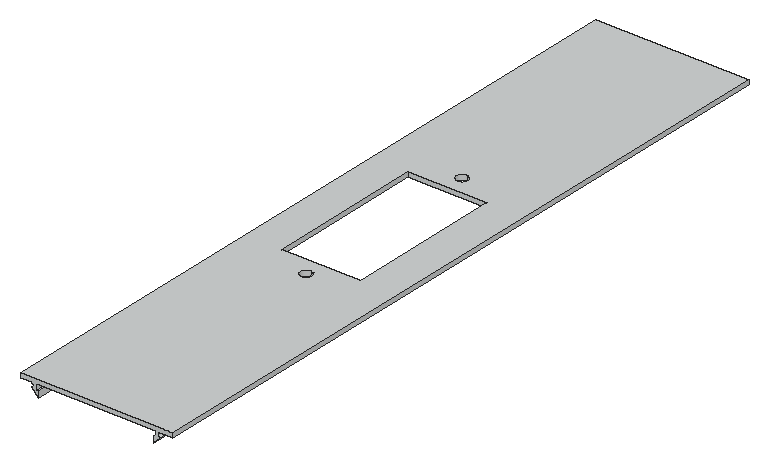
Revit family "Specialty_Equipment-Metal_Raceway-Hubbell_Wiring-Rectangular_Style_Line_Cover-HBLALU57G", category Specialty Equipment, host Face, Revit 2015
Parameters
  URL = "http://www.hubbell-wiring.com/"
  Product data url = "https://bimobject.com/hubbellwiring/product/hubbell-metal-raceway-alu5000"
  Product Page URL = "http://ecatalog.hubbell-wiring.com/ProductInformation/ViewCatalog.aspx?Dest=hubbell-wiring.com/press/catalog/r.pdf"
  Product Documentation Link = "http://www.hubbell-wiring.com/press/pdfs/h5233r08.pdf"
  Model = "HBLALU57G"  # constant formula
  Manufacturer = "Hubbell Wiring Device Kellems"  # constant formula
  Host Note = "Add in Section View; Host to Wall"  # constant formula
  Description = "Rectangular Style Line Cover"  # constant formula
  Default Elevation = 48.00"
  Cable Tray Material = Metal-Hubbell-Aluminium
  B = 12.00"
  Assembly Code = "D5090900"
  A = 2.54"
Reference planes (in)
  plane 1 "Center (Front/Back)": y = 0
  plane 2: z = 0
  plane 3 "Center (Left/Right)": x = 0
  plane 4: z = 1.585
  plane 5: y = 6
  plane 6: y = -6
  plane 7: x = -1.27
  plane 8: x = 1.27
  plane 9: y = 1.625
  plane 10: y = -1.625
Forms (in)
  Extrusion 1, void, detail levels medium+fine
    sketch origin (1.49625, 0, 2.17481) x (0, -1, 0) y (-1, 0, 0)
      loop
        circle (1.625, 1.49625) r 0.1
      loop
        line (1.318, 0.83875) -> (1.318, 2.15375) -> (-1.318, 2.15375) -> (-1.318, 0.83875) -> (1.318, 0.83875)
      loop
        circle (-1.625, 1.49625) r 0.1
    from 0.515 to 0.58981
  Extrusion 2, solid, material "Metal-Hubbell-Aluminium" <- "Cable Tray Material"
    sketch origin (-13.04558, 0, 4.95689) x (1, 0, 0) y (0, 0, 1)
      loop
        line (11.77558, -3.29708) -> (11.77558, -3.37189) -> (11.9651, -3.37189)
        arc (11.9651, -3.37189) -> (11.99999, -3.4054) -> (11.96791, -3.4416) r 0.03491
        line (11.96791, -3.4416) -> (12.08188, -3.55557) -> (12.08188, -3.45169) -> (12.04989, -3.45169) -> (12.04989, -3.37189) -> (14.03377, -3.37189) -> (14.03377, -3.45169) -> (14.00178, -3.45169) -> (14.00178, -3.55557) -> (14.11575, -3.4416)
        arc (14.11575, -3.4416) -> (14.08367, -3.4054) -> (14.11855, -3.37189) r 0.03491
        line (14.11855, -3.37189) -> (14.31558, -3.37189) -> (14.31558, -3.29708) -> (11.77558, -3.29708)
    from -6 to 6
Cuts and joins
  Extrusion 1 cuts Extrusion 2
Lines and regions (in)
  reference lines
    curve 1: line (-0.6575, -1.318, 1.585) -> (0.6575, -1.318, 1.585)
    curve 2: line (-0.6575, 1.318, 1.585) -> (-0.6575, -1.318, 1.585)
    curve 3: line (0.6575, 1.318, 1.585) -> (-0.6575, 1.318, 1.585)
    curve 4: line (0.6575, -1.318, 1.585) -> (0.6575, 1.318, 1.585)
    curve 5: circle (0, 1.625, 1.585) r 0.1 normal (0, 0, 1)
    curve 6: circle (0, -1.625, 1.585) r 0.1 normal (0, 0, 1)
    curve 7: line (-1.27, 0, 1.65981) -> (-1.27, 0, 1.585)
    curve 8: line (1.27, 0, 1.65981) -> (-1.27, 0, 1.65981)
    curve 9: line (1.27, 0, 1.585) -> (1.27, 0, 1.65981)
    curve 10: line (1.07298, 0, 1.585) -> (1.27, 0, 1.585)
    curve 11: arc (1.07017, 0, 1.51529) -> (1.03809, 0, 1.55149) -> (1.07298, 0, 1.585) r 0.03491
    curve 12: line (0.9562, 0, 1.40132) -> (1.07017, 0, 1.51529)
    curve 13: line (0.9562, 0, 1.5052) -> (0.9562, 0, 1.40132)
    curve 14: line (0.98819, 0, 1.5052) -> (0.9562, 0, 1.5052)
    curve 15: line (0.98819, 0, 1.585) -> (0.98819, 0, 1.5052)
    curve 16: line (-0.99569, 0, 1.585) -> (0.98819, 0, 1.585)
    curve 17: line (-0.99569, 0, 1.5052) -> (-0.99569, 0, 1.585)
    curve 18: line (-0.9637, 0, 1.5052) -> (-0.99569, 0, 1.5052)
    curve 19: line (-0.9637, 0, 1.40132) -> (-0.9637, 0, 1.5052)
    curve 20: line (-1.07767, 0, 1.51529) -> (-0.9637, 0, 1.40132)
    curve 21: arc (-1.08047, 0, 1.585) -> (-1.04559, 0, 1.55149) -> (-1.07767, 0, 1.51529) r 0.03491
    curve 22: line (-1.27, 0, 1.585) -> (-1.08047, 0, 1.585)
  symbolic lines
    curve 23: line (0, 6, 1.585) -> (0, -6, 1.585)
    curve 24: line (0, 6, 1.65981) -> (0, 6, 1.585)
    curve 25: line (0, -6, 1.65981) -> (0, 6, 1.65981)
    curve 26: line (0, -6, 1.585) -> (0, -6, 1.65981)
    curve 27: line (-0.6575, 1.318, 0) -> (-0.6575, -1.318, 0)
    curve 28: line (0.6575, 1.318, 0) -> (-0.6575, 1.318, 0)
    curve 29: line (0.6575, -1.318, 0) -> (0.6575, 1.318, 0)
    curve 30: line (-0.6575, -1.318, 0) -> (0.6575, -1.318, 0)
    curve 31: arc (0, -1.525, 0) -> (0.1, -1.625, 0) -> (0, -1.725, 0) r 0.1
    curve 32: arc (0, -1.725, 0) -> (-0.1, -1.625, 0) -> (0, -1.525, 0) r 0.1
    curve 33: arc (0, 1.525, 0) -> (-0.1, 1.625, 0) -> (0, 1.725, 0) r 0.1
    curve 34: arc (0, 1.725, 0) -> (0.1, 1.625, 0) -> (0, 1.525, 0) r 0.1
    curve 35: line (-1.27, 0, 1.585) -> (1.27, 0, 1.585)
    curve 36: line (-1.27, 0, 1.65981) -> (-1.27, 0, 1.585)
    curve 37: line (1.27, 0, 1.65981) -> (-1.27, 0, 1.65981)
    curve 38: line (1.27, 0, 1.585) -> (1.27, 0, 1.65981)
    curve 39: line (1.27, -6, 0) -> (1.27, 6, 0)
    curve 40: line (1.27, 6, 0) -> (-1.27, 6, 0)
    curve 41: line (-1.27, 6, 0) -> (-1.27, -6, 0)
    curve 42: line (-1.27, -6, 0) -> (1.27, -6, 0)
Dimensions and locks (in)
  equal spacing: plane 5, plane 1 "Center (Front/Back)", plane 6
  "B": plane 5 to plane 6
  "A": plane 7 to plane 8
  equal spacing: plane 9, plane 1 "Center (Front/Back)", plane 10, locked at 1.625 each
  equal spacing: curve 3, plane 1 "Center (Front/Back)", curve 1, locked at 1.318 each
  equal spacing: curve 2, plane 3 "Center (Left/Right)", curve 4, locked at 0.6575 each
  plane 4 to host face = 1.585"
  plane 7 to plane 3 "Center (Left/Right)" = 1.27"
  plane 3 "Center (Left/Right)" to plane 8 = 1.27"
  equal spacing: plane 7, plane 3 "Center (Left/Right)", plane 8
  aligned and locked: plane 2 to host face
  aligned and locked: level to host face
  aligned and locked: Extrusion 1 sketch curve to curve 6
  aligned and locked: Extrusion 1 sketch curve to curve 4
  aligned and locked: Extrusion 1 sketch curve to curve 3
  aligned and locked: Extrusion 1 sketch curve to curve 2
  aligned and locked: Extrusion 1 sketch curve to curve 1
  aligned and locked: Extrusion 1 sketch curve to curve 5
  aligned and locked: Extrusion 2 sketch curve to curve 7
  aligned and locked: curve 8 to Extrusion 2 sketch curve
  aligned and locked: curve 9 to Extrusion 2 sketch curve
  aligned and locked: Extrusion 2 sketch curve to curve 11
  aligned and locked: Extrusion 2 sketch curve to curve 12
  aligned and locked: Extrusion 2 sketch curve to curve 13
  aligned and locked: curve 14 to Extrusion 2 sketch curve
  aligned and locked: Extrusion 2 sketch curve to curve 15
  aligned and locked: Extrusion 2 sketch curve to curve 16
  aligned and locked: curve 17 to Extrusion 2 sketch curve
  aligned and locked: curve 18 to Extrusion 2 sketch curve
  aligned and locked: curve 19 to Extrusion 2 sketch curve
  aligned and locked: Extrusion 2 sketch curve to curve 20
  aligned and locked: Extrusion 2 sketch curve to curve 21
  aligned and locked: Extrusion 2 sketch curve to curve 22
  aligned and locked: plane 5 to Extrusion 2
  aligned and locked: Extrusion 2 to plane 6
  aligned and locked: curve 27 to cut or joined group of Extrusion 1, Extrusion 2
  aligned and locked: curve 28 to cut or joined group of Extrusion 1, Extrusion 2
  aligned and locked: curve 29 to cut or joined group of Extrusion 1, Extrusion 2
  aligned and locked: curve 30 to cut or joined group of Extrusion 1, Extrusion 2
  aligned and locked: curve 31 to cut or joined group of Extrusion 1, Extrusion 2
  aligned and locked: curve 32 to cut or joined group of Extrusion 1, Extrusion 2
  aligned and locked: curve 33 to cut or joined group of Extrusion 1, Extrusion 2
  aligned and locked: curve 34 to cut or joined group of Extrusion 1, Extrusion 2
  aligned and locked: curve 24 to plane 5
  aligned and locked: plane 4 to curve 23
  aligned and locked: plane 6 to curve 26
  aligned and locked: Extrusion 1 to plane 4
  aligned and locked: curve 35 to cut or joined group of Extrusion 1, Extrusion 2
  aligned and locked: curve 36 to cut or joined group of Extrusion 1, Extrusion 2
  aligned and locked: curve 37 to cut or joined group of Extrusion 1, Extrusion 2
  aligned and locked: curve 38 to cut or joined group of Extrusion 1, Extrusion 2
  aligned and locked: curve 25 to cut or joined group of Extrusion 1, Extrusion 2
  aligned and locked: curve 39 to cut or joined group of Extrusion 1, Extrusion 2
  aligned and locked: curve 40 to cut or joined group of Extrusion 1, Extrusion 2
  aligned and locked: curve 41 to cut or joined group of Extrusion 1, Extrusion 2
  aligned and locked: curve 42 to cut or joined group of Extrusion 1, Extrusion 2
Automatic sketch dimensions
  host sketch curve to host sketch curve = 96.00"  (x2)
  curve 6 to plane 3 "Center (Left/Right)" = 0.00"
  curve 5 to plane 3 "Center (Left/Right)" = 0.00"
  curve 5 to plane 9 = 0.00"
  curve 6 to plane 10 = 0.00"
  curve 7 to plane 4 = 0.00"
  curve 7 to plane 7 = 0.00"
  plane 8 to curve 8 = 0.00"
  plane 4 to curve 8 = 0.07481"
  curve 9 to plane 4 = 0.00"
  plane 8 to curve 10 = 0.19703"
  curve 11 to curve 11 = 0.00281"
  curve 11 to plane 4 = 0.03491"
  curve 12 to curve 12 = 0.11397"  (x2)
  curve 13 to plane 4 = 0.0798"
  curve 13 to curve 14 = 0.03199"
  curve 15 to plane 4 = 0.00"
  plane 7 to curve 16 = 0.27431"
  curve 17 to plane 4 = 0.0798"
  curve 17 to curve 18 = 0.03199"
  curve 19 to curve 19 = 0.10388"
  curve 20 to plane 4 = 0.06971"
  curve 20 to curve 17 = 0.08198"
  curve 21 to plane 4 = 0.03491"
  plane 3 "Center (Left/Right)" to curve 3 = 0.6575"
  curve 4 to plane 9 = 0.307"
  Extrusion 2 sketch curve to plane 4 = 0.0798"
  radius of curve 5 = 0.10"
  radius of curve 6 = 0.10"
